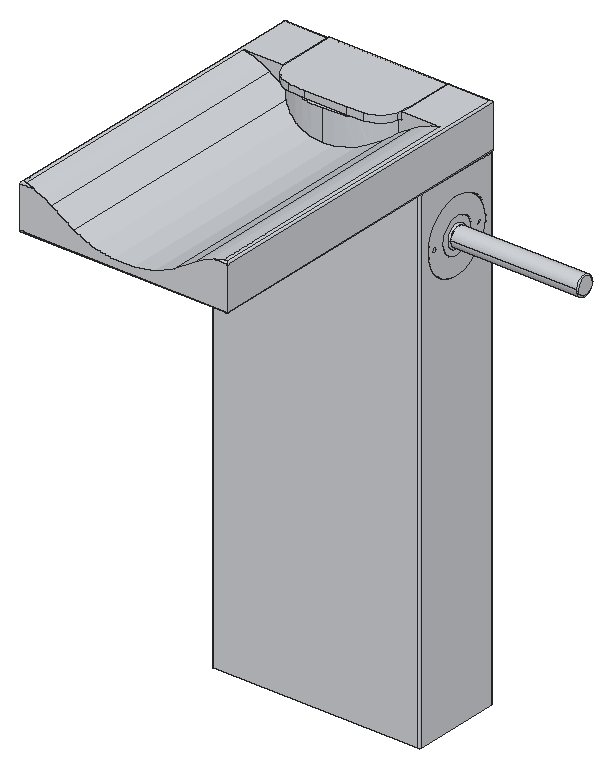
Revit family "Faucet-Lavatory-KOHLER-Beitou-K-99858IN-1", category Plumbing Fixtures, host Face, Revit 2017
Family settings
  Host = Face
  Round Connector Dimension = Use Diameter
  Part Type = Normal
  OmniClass Number = 23.31.11.00
  Cut with Voids When Loaded = No
  Shared = No
  Room Calculation Point = No
Parameters (values of type "CP-Polished Chrome")
  Width = 4 17/128"  # constant formula
  WaterSense Certified = 1 = 0  # no
  Waste Water Outlet = "Waste Water Outlet"  # constant formula
  Waste Connection = 1 = 0  # no
  Vent Connection = 1 = 0  # no
  URL = "https://www.kohler.co.in/"
  Type = 1
  Spout Reach = 5 171/256"  # constant formula
  Product Page URL = "https://www.kohler.co.in/product-detail/99858in-4?skuid=K-99858IN-4-CP"
  Product Name = "BEITOU"  # constant formula
  Product Documentation Link = ""
  Pressure = 0.00 psi
  Model = "K-99858IN-4-CP"  # constant formula
  Material = "Brass Construction"  # constant formula
  Master Format 2014 Name = "Residential Faucets, Supplies, and Trim"  # constant formula
  Master Format 2014 = "22 41 39"  # constant formula
  Manufacturer Address = "Ambience Office Tower NH-8 Gurgaon / Gurugram Haryana , 122001"  # constant formula
  Manufacturer = "KOHLER Co."  # constant formula
  Length = Spout Reach  # 5 171/256"
  Hot Water Inlet = "Hot Water Inlet"  # constant formula
  Height = 10 191/256"  # constant formula
  Handle Clearance = 2 143/256"  # constant formula
  HW Connection = 1 = 1  # yes
  Flow Rate = 0 GPM
  Finish = Kohler-Metal-CP-Polished_Chrome
  Environmental Product Declaration = ""
  Drain Included = 1 = 1  # yes
  Description = "single control tall lavatory faucet"  # constant formula
  Default Elevation = 36"
  Declare Label = ""
  Date Modified = "12/21/2020"  # constant formula
  Date Created = "12/21/2020"  # constant formula
  Copyright = "Copyright KOHLER Co."  # constant formula
  Contact Us = "https://www.kohler.co.in/contact-us"
  Cold Water Inlet = "Cold Water Inlet"  # constant formula
  CW Connection = 1 = 1  # yes
  Assembly Code = "D2010"
  ADA Compliant = 1 = 0  # no
Reference planes (in)
  plane 1 "Center (Front/Back)": y = 0
  plane 2: z = 0
  plane 3 "Center (Left/Right)": x = 0
  plane 4: z = 10.7460937
  plane 5: z = 8.7401575
  plane 6: x = 4.6259843
  plane 7: x = 2.0673905
  plane 8: x = -2.065422
  plane 9: y = -5.6679688
  plane 10: y = -0.9055118
  plane 11: y = 0.9055118
  plane 12: x = 0.6299213
  plane 13: x = -0.6299213
  plane 14: z = 9.8818898
Dimensions and locks (in)
  "Spout Reach": plane 1 "Center (Front/Back)" to plane 9
  "Height": plane 4 to level
  level to plane 14 = 9.88189"
  plane 4 to plane 14 = 0.8642"
  plane 11 to plane 10 = 1.81102"
  "Width": plane 8 to plane 7
  "Handle Clearance": plane 7 to plane 6
  "Length": plane 9 to plane 1 "Center (Front/Back)"
  aligned and locked: plane 2 to host face
  aligned and locked: level to host face
  aligned and locked: plane 3 "Center (Left/Right)" to nested 1
  aligned and locked: plane 1 "Center (Front/Back)" to nested 1
Automatic sketch dimensions
  host sketch curve to host sketch curve = 96"  (x2)
Nested families (in)
  nested 1: "K-99858IN" at (0, 0, 0), type "K-99858IN"
Connectors (in)
  piping at (-0.6299213, 0, 0), diameter 0.5, driven by "Flow Rate", driven by "HW Connection", driven by "Hot Water Inlet"
    settings: on nested 1, index 1, connector inside diameter 24", connector length 0", flow factor 0, pipe flow 0 GPM, pressure drop 0.00 psi, fitting loss kfactor 0, connector angle 0.00°, fixture units 0, engagement length 0", angle of deflection 0.00°, flow configuration 0, flow direction 1, fitting loss method 0, system type 19, joint type 0, gender type 0, connector reference index -1, connector utility 1, adjustable connector no, is connector primary yes, connector description "Hot Water Inlet"
  piping at (0.6299213, 0, 0), diameter 0.5, driven by "Flow Rate", driven by "CW Connection", driven by "Cold Water Inlet"
    settings: on nested 1, index 2, connector inside diameter 24", connector length 0", flow factor 0, pipe flow 0 GPM, pressure drop 0.00 psi, fitting loss kfactor 0, connector angle 0.00°, fixture units 0, engagement length 0", angle of deflection 0.00°, flow configuration 0, flow direction 1, fitting loss method 0, system type 20, joint type 0, gender type 0, connector reference index -1, connector utility 1, adjustable connector no, is connector primary no, connector description "Cold Water Inlet"
Definition of nested family "K-99858IN"
  Parameters (values of type "K-99858IN")
    Material = none
  Reference planes (in)
    plane 1 "Center (Front/Back)": y = 0
    plane 2: z = 0
    plane 3 "Center (Left/Right)": x = 0
    plane 4: y = 0.9055118
    plane 5: y = -0.9055118
    plane 6: x = -2.0669291
    plane 7: x = 2.0669291
    plane 8: x = 4.6259843
    plane 9: z = 8.7401575
    plane 10: y = -5.6692913
    plane 11: x = -0.503882
    plane 12: x = 0.503882
    plane 13: x = 0.6299213
    plane 14: x = -0.6299213
    plane 15: z = 9.8818898
    plane 16: z = 10.7480315
  Forms (in)
    Sweep 1, solid, material <- "Material", detail levels medium+fine
      path origin (0, 0, 0) x (0, 1, 0) y (0, 0, 1)
        loop
          line (0.9055118, 0) -> (0.9055118, 9.8421792)
      profile origin (0, 0.9055118, 4.9210896) x (0, -1, 0) y (1, 0, 0)
        loop
          arc (0, -2.0275591) -> (0.0115312, -2.0553979) -> (0.0393701, -2.0669291) r 0.0393701
          line (0.0393701, -2.0669291) -> (1.7716535, -2.0669291)
          arc (1.7716535, -2.0669291) -> (1.7994924, -2.0553979) -> (1.8110236, -2.0275591) r 0.0393701
          line (1.8110236, -2.0275591) -> (1.8110236, 2.0275591)
          arc (1.8110236, 2.0275591) -> (1.7994924, 2.0553979) -> (1.7716535, 2.0669291) r 0.0393701
          line (1.7716535, 2.0669291) -> (0.0393701, 2.0669291)
          arc (0.0393701, 2.0669291) -> (0.0115312, 2.0553979) -> (0, 2.0275591) r 0.0393701
          line (0, 2.0275591) -> (0, -2.0275591)
    Sweep 2, solid, material <- "Material", detail levels medium+fine
      path origin (0, 0, 0) x (1, 0, 0) y (0, 1, 0)
        loop
          line (-2.0272385, 0.8659735) -> (-2.0272385, -5.6297874) -> (2.0272385, -5.6297874) -> (2.0272385, 0.8659735) -> (-2.0272385, 0.8659735)
      profile origin (2.0272385, -2.3819069, 0) x (1, 0, 0) y (0, 0, 1)
        loop
          line (-0.0307579, 10.7440945) -> (-0.0307579, 9.8421792) -> (0.0200009, 9.8421792)
          arc (0.0200009, 9.8421792) -> (0.0339236, 9.8479462) -> (0.0396906, 9.861869) r 0.0196898
          line (0.0396906, 9.861869) -> (0.0396906, 10.7047518)
          arc (0.0396906, 10.7047518) -> (0.0281674, 10.7325713) -> (0.0003479, 10.7440945) r 0.0393427
          line (0.0003479, 10.7440945) -> (-0.0307579, 10.7440945)
    Sweep 3, solid, material <- "Material", detail levels medium+fine
      path origin (0, 0, 0) x (0, 1, 0) y (0, 0, 1)
        loop
          circle (0.0006489, 8.740906) r 0.169298
      profile origin (0, 0.0006489, 8.9102041) x (0, 0, -1) y (1, 0, 0)
        loop
          line (0.0324208, 4.6259843) -> (0.0014478, 4.6259843)
          arc (0.0014478, 4.6259843) -> (-0.012907, 4.6200383) -> (-0.0188529, 4.6056835) r 0.0203007
          line (-0.0188529, 4.6056835) -> (-0.0188529, 2.1068724)
          arc (-0.0188529, 2.1068724) -> (-0.030552, 2.0786282) -> (-0.0587961, 2.0669291) r 0.0399432
          line (-0.0587961, 2.0669291) -> (0.0324208, 2.0669291) -> (0.0324208, 4.6259843)
    Extrusion 4, solid, material <- "Material", detail levels medium+fine
      sketch origin (0, 0, 0) x (0, 1, 0) y (0, 0, 1)
        loop
          circle (0.0006489, 8.740906) r 0.1368772
      from 2.0669291 to 4.6259843
    Extrusion 5, solid, material <- "Material", detail levels medium+fine
      sketch origin (-0.0298064, 0, 0) x (1, 0, 0) y (0, 1, 0)
        loop
          line (-1.9964806, 0.8352157) -> (-1.9964806, -5.5990295) -> (2.026287, -5.5990295) -> (2.026287, 0.8352157) -> (-1.9964806, 0.8352157)
      from 9.8421792 to 10.7440945
    Extrusion 6, void, detail levels medium+fine
      sketch origin (0, 0, -0.0522247) x (1, 0, 0) y (0, 0, 1)
        loop
          arc (-1.0037395, 10.3120449) -> (-0.0135896, 10.0485715) -> (0.9765602, 10.3120449) r 1.9922598
          arc (0.9765602, 10.3120449) -> (1.1970344, 10.444138) -> (1.4121499, 10.5847893) r 6.5420486
          arc (1.4121499, 10.5847893) -> (1.8035482, 10.7664441) -> (2.2326175, 10.8121686) r 1.3200005
          line (2.2326175, 10.8121686) -> (2.2326175, 11.0733099) -> (-2.3948685, 11.0733099) -> (-2.3948685, 10.7973172)
          arc (-2.3948685, 10.7973172) -> (-1.8966699, 10.7829033) -> (-1.4393292, 10.5847893) r 1.3200005
          arc (-1.4393292, 10.5847893) -> (-1.2242137, 10.444138) -> (-1.0037395, 10.3120449) r 6.5420486
      from 0.251129 to 6.1770874
    Extrusion 7, solid, material <- "Material", detail levels medium+fine
      sketch origin (0, 0, 0) x (1, 0, 0) y (0, 1, 0)
        loop
          arc (-1.1811024, 0) -> (-1.1803093, -0.0555895) -> (-1.1779309, -0.1111338) r 1.9487547
          arc (-1.1779309, -0.1111338) -> (-1.1678638, -0.2063706) -> (-1.1486662, -0.3001942) r 0.9926676
          arc (-1.1486662, -0.3001942) -> (-1.0019473, -0.5383407) -> (-0.7459164, -0.6509835) r 0.4700974
          arc (-0.7459164, -0.6509835) -> (-0.5834517, -0.6647108) -> (-0.4204724, -0.6692913) r 2.9017388
          line (-0.4204724, -0.6692913) -> (0.4204724, -0.6692913)
          arc (0.4204724, -0.6692913) -> (0.5841058, -0.6646739) -> (0.7472185, -0.6508363) r 2.9017388
          arc (0.7472185, -0.6508363) -> (1.0018802, -0.5388523) -> (1.1481485, -0.3022121) r 0.4685039
          arc (1.1481485, -0.3022121) -> (1.1572068, -0.2639337) -> (1.1647415, -0.2253265) r 0.9926676
          arc (1.1647415, -0.2253265) -> (1.1729905, -0.1684212) -> (1.1779309, -0.1111338) r 0.9926676
          arc (1.1779309, -0.1111338) -> (1.1803093, -0.0555895) -> (1.1811024, 0) r 1.9487547
          line (1.1811024, 0) -> (1.1811024, 0.8816998) -> (-1.1811024, 0.8816998) -> (-1.1811024, 0)
      from 10.6102362 to 10.7440945
    Extrusion 8, void, detail levels medium+fine
      sketch origin (0, 0, 0) x (1, 0, 0) y (0, 1, 0)
        loop
          line (-1.1850394, 0.8816998) -> (-1.1850394, -0.251129) -> (1.1850394, -0.251129) -> (1.1850394, 0.8816998) -> (-1.1850394, 0.8816998)
      from 10.6102362 to 10.9003731
    Extrusion 9, solid, material <- "Material", detail levels medium+fine
      sketch origin (0, 0, 0) x (1, 0, 0) y (0, 1, 0)
        loop
          spline (0, 0.4851303) -> (-0.2904072, 0.4642233) -> (-0.5610236, 0.4029269) -> (-0.7934072, 0.3054185) -> (-0.9717214, 0.1783431) -> (-1.0838144, 0.0303607) -> (-1.1220472, -0.1284441) -> (-1.0838144, -0.2872488) -> (-0.9717214, -0.4352313) -> (-0.7934072, -0.5623067) -> (-0.5610236, -0.6598151) -> (-0.2904072, -0.7211115) -> (0, -0.7420185)
          spline (0, -0.7420185) -> (0.2904072, -0.7211115) -> (0.5610236, -0.6598151) -> (0.7934072, -0.5623067) -> (0.9717214, -0.4352313) -> (1.0838144, -0.2872488) -> (1.1220472, -0.1284441) -> (1.0838144, 0.0303607) -> (0.9717214, 0.1783431) -> (0.7934072, 0.3054185) -> (0.5610236, 0.4029269) -> (0.2904072, 0.4642233) -> (0, 0.4851303)
      from 9.7682632 to 10.6102362
    Extrusion 10, void, detail levels medium+fine
      sketch origin (0, 0, 0) x (0, 1, 0) y (0, 0, 1)
        loop
          circle (-0.0005732, 8.741565) r 0.7199009
        loop
          circle (-0.0005732, 8.741565) r 0.3559253
        loop
          circle (-0.0005732, 8.741565) r 0.7120269
        loop
          circle (-0.0005732, 8.741565) r 0.3480513
      from 2.0576808 to 2.2396435
    Extrusion 11, solid, material <- "Material", detail levels medium+fine
      sketch origin (0, 0, 0) x (1, 0, 0) y (0, 1, 0)
        loop
          circle (-0.503882, 0) r 0.0393701
        loop
          circle (0.503882, 0) r 0.0393701
      from 0 to 0.035998
    Extrusion 12, void
      sketch origin (0, 0, 0) x (0, 1, 0) y (0, 0, 1)
        loop
          circle (-0.557955, 8.7400852) r 0.0398
        loop
          circle (0.557955, 8.7400852) r 0.0398
      from 1.4561957 to 3.2228774
    Extrusion 13, solid, detail levels medium+fine
      sketch origin (0, 0, 0) x (0, 1, 0) y (0, 0, 1)
        loop
          circle (0.557955, 8.7400852) r 0.0398
      from 1.4561957 to 2.0669291
    Extrusion 14, solid, detail levels medium+fine
      sketch origin (0, 0, 0) x (0, -1, 0) y (0, 0, -1)
        loop
          circle (0.557955, -8.7400852) r 0.0398
      from 1.4561957 to 2.0669291
    Extrusion 15, solid, material <- "Material", detail levels medium+fine
      sketch origin (0, 0, 0) x (1, 0, 0) y (0, 1, 0)
        loop
          circle (0.6299213, 0) r 0.1968504
        loop
          circle (-0.6299213, 0) r 0.1968504
      from 0 to 0.2233233
    Extrusion 16, solid, material <- "Material", detail levels coarse
      sketch origin (0, 0, 0) x (1, 0, 0) y (0, 0, 1)
        loop
          line (-2.0669291, 10.7440945) -> (-2.0669291, 9.7598425) -> (2.0669291, 9.7598425) -> (2.0669291, 10.7440945) -> (1.6939929, 10.7440945)
          arc (1.6939929, 10.7440945) -> (-0.0776606, 10.1986876) -> (-1.8493141, 10.7440945) r 3.1501482
          line (-1.8493141, 10.7440945) -> (-2.0669291, 10.7440945)
      from -0.9055118 to 5.669478
    Extrusion 17, solid, material <- "Material", detail levels coarse
      sketch origin (0, 0, 0) x (1, 0, 0) y (0, 0, 1)
        loop
          line (-2.0669291, 10.7440945) -> (-2.0669291, 0) -> (2.0669291, 0) -> (2.0669291, 10.7440945) -> (-2.0669291, 10.7440945)
      from -0.9055118 to 1.3646786
    Revolve 18, solid, material <- "Material", detail levels coarse
      sketch origin (0, 0, 0) x (1, 0, 0) y (0, 0, 1)
        loop
          line (4.6259843, 9.029039) -> (1.7665609, 9.029039) -> (1.7665609, 8.7401575) -> (4.6259843, 8.7401575) -> (4.6259843, 9.029039)
        axis (4.6259843, 8.7401575) -> (1.7665609, 8.7401575)
      angle from 0 to 360
  Cuts and joins
    Extrusion 10, Extrusion 12 cuts Sweep 1
    Extrusion 12 cuts Sweep 3
    Extrusion 12 cuts Extrusion 4
    Extrusion 12 cuts Extrusion 11
    joined: Sweep 1, Sweep 3, Extrusion 4, Extrusion 7, Extrusion 11
    Extrusion 6, Extrusion 8 cuts Sweep 2
    Extrusion 6, Extrusion 8 cuts Extrusion 5
    joined: Sweep 2, Extrusion 5, Extrusion 9
    joined: Extrusion 16, Extrusion 17, Revolve 18
  Lines and regions (in)
    Masking region 1
      outline origin (0, 0, 0) x (1, 0, 0) y (0, 1, 0)
        loop
          arc (2.0287193, -5.6692913) -> (2.0557377, -5.6580999) -> (2.0669291, -5.6310815) r 0.0382098
          line (2.0669291, -5.6310815) -> (2.0669291, -0.2295886)
          arc (2.0669291, -0.2295886) -> (2.0788227, -0.2008749) -> (2.1075365, -0.1889813) r 0.0406073
          line (2.1075365, -0.1889813) -> (4.6049589, -0.1889813)
          arc (4.6049589, -0.1889813) -> (4.6198261, -0.1828231) -> (4.6259843, -0.1679559) r 0.0210254
          line (4.6259843, -0.1679559) -> (4.6259843, 0.1689122)
          arc (4.6259843, 0.1689122) -> (4.6201062, 0.1831032) -> (4.6059152, 0.1889813) r 0.0200691
          line (4.6059152, 0.1889813) -> (2.1080383, 0.1889813)
          arc (2.1080383, 0.1889813) -> (2.0789697, 0.2010219) -> (2.0669291, 0.2300904) r 0.0411092
          line (2.0669291, 0.2300904) -> (2.0669291, 0.8662628)
          arc (2.0669291, 0.8662628) -> (2.0554334, 0.894016) -> (2.0276801, 0.9055118) r 0.039249
          line (2.0276801, 0.9055118) -> (1.2235752, 0.9055118)
          arc (1.2235752, 0.9055118) -> (1.2010195, 0.898221) -> (1.1869987, 0.8791074) r 0.0385358
          arc (1.1869987, 0.8791074) -> (1.1794257, 0.897763) -> (1.1608426, 0.9055118) r 0.0261573
          line (1.1608426, 0.9055118) -> (-1.1608426, 0.9055118)
          arc (-1.1608426, 0.9055118) -> (-1.1794257, 0.897763) -> (-1.1869987, 0.8791074) r 0.0261573
          arc (-1.1869987, 0.8791074) -> (-1.2010195, 0.898221) -> (-1.2235752, 0.9055118) r 0.0385358
          line (-1.2235752, 0.9055118) -> (-2.0283935, 0.9055118)
          arc (-2.0283935, 0.9055118) -> (-2.0556423, 0.894225) -> (-2.0669291, 0.8669762) r 0.0385356
          line (-2.0669291, 0.8669762) -> (-2.0669291, -5.6295987)
          arc (-2.0669291, -5.6295987) -> (-2.0553034, -5.6576656) -> (-2.0272365, -5.6692913) r 0.0396927
          line (-2.0272365, -5.6692913) -> (2.0287193, -5.6692913)
    Masking region 2
      outline origin (0, 0, 0) x (0, 1, 0) y (0, 0, 1)
        loop
          line (0.9055118, 0) -> (0.9055118, 9.8614815)
          arc (0.9055118, 9.8614815) -> (0.8995361, 9.8759083) -> (0.8852902, 9.881884) r 0.0204025
          arc (0.8852902, 9.881884) -> (0.899589, 9.8878068) -> (0.9055118, 9.9021056) r 0.0202216
          line (0.9055118, 9.9021056) -> (0.9055118, 10.7069164)
          arc (0.9055118, 10.7069164) -> (0.8934695, 10.7359892) -> (0.8643967, 10.7480315) r 0.0411151
          line (0.8643967, 10.7480315) -> (-5.6292231, 10.7480315)
          arc (-5.6292231, 10.7480315) -> (-5.6575556, 10.7362958) -> (-5.6692913, 10.7079632) r 0.0400683
          line (-5.6692913, 10.7079632) -> (-5.6692913, 9.902511)
          arc (-5.6692913, 9.902511) -> (-5.6632515, 9.8879296) -> (-5.6486701, 9.8818898) r 0.0206213
          line (-5.6486701, 9.8818898) -> (-0.8858268, 9.8818898)
          arc (-0.8858268, 9.8818898) -> (-0.8997462, 9.8761241) -> (-0.9055118, 9.8622047) r 0.019685
          line (-0.9055118, 9.8622047) -> (-0.9055118, 0) -> (0.9055118, 0)
    Masking region 3
      outline origin (0, 0, 0) x (1, 0, 0) y (0, 0, 1)
        loop
          line (-2.0669291, 10.7097893) -> (-2.0669291, 9.9018946)
          arc (-2.0669291, 9.9018946) -> (-2.0610682, 9.887745) -> (-2.0469185, 9.881884) r 0.0200106
          arc (-2.0469185, 9.881884) -> (-2.0610013, 9.8759562) -> (-2.0669291, 9.8616451) r 0.0202389
          line (-2.0669291, 9.8616451) -> (-2.0669291, 0) -> (2.0669291, 0) -> (2.0669291, 8.5124717)
          arc (2.0669291, 8.5124717) -> (2.0782944, 8.53991) -> (2.1057327, 8.5512753) r 0.0388036
          line (2.1057327, 8.5512753) -> (4.6058685, 8.5512753)
          arc (4.6058685, 8.5512753) -> (4.6200925, 8.5571671) -> (4.6259843, 8.5713911) r 0.0201158
          line (4.6259843, 8.5713911) -> (4.6259843, 8.9083523)
          arc (4.6259843, 8.9083523) -> (4.6199251, 8.9229804) -> (4.6052969, 8.9290396) r 0.0206874
          line (4.6052969, 8.9290396) -> (2.1069697, 8.9290396)
          arc (2.1069697, 8.9290396) -> (2.0786567, 8.9407672) -> (2.0669291, 8.9690802) r 0.0400406
          line (2.0669291, 8.9690802) -> (2.0669291, 9.8616451)
          arc (2.0669291, 9.8616451) -> (2.0610013, 9.8759562) -> (2.0466902, 9.881884) r 0.0202389
          arc (2.0466902, 9.881884) -> (2.0610682, 9.887745) -> (2.0669291, 9.9018946) r 0.0200106
          line (2.0669291, 9.9018946) -> (2.0669291, 10.7086614)
          arc (2.0669291, 10.7086614) -> (2.0553979, 10.7365003) -> (2.0275591, 10.7480315) r 0.0393701
          line (2.0275591, 10.7480315) -> (1.2160697, 10.7480315) -> (1.2160697, 10.6968504) -> (1.1811024, 10.6968504) -> (1.1811024, 10.7480315) -> (-1.1811024, 10.7480315) -> (-1.1811024, 10.6968504) -> (-1.2160697, 10.6968504) -> (-1.2160697, 10.7480315) -> (-2.028687, 10.7480315)
          arc (-2.028687, 10.7480315) -> (-2.0557283, 10.7368306) -> (-2.0669291, 10.7097893) r 0.0382422
    symbolic lines, detail levels medium+fine
      curve 1: line (2.0669291, 0.8662628, 0) -> (1.1848824, 0.8661417, 0)
      curve 2: line (2.0276801, 0.9055118, 0) -> (2.0287193, -5.6692913, 0)
      curve 3: line (-2.0669291, -5.6295987, 0) -> (2.0669291, -5.6310815, 0)
      curve 4: line (-2.0272365, 0.9055118, 0) -> (-2.0272365, -5.6692913, 0)
      curve 5: line (-1.1811024, 0, 0) -> (-1.1811024, 0.8661417, 0)
      curve 6: line (1.1811024, 0, 0) -> (1.1811024, 0.8661417, 0)
      curve 7: line (-1.1848824, 0.8661417, 0) -> (-2.0669201, 0.8661417, 0)
      curve 8: arc (-1.1869987, 0.8791074, 0) -> (-1.1853269, 0.8727248, 0) -> (-1.1848824, 0.8661417, 0) r 0.0350071
      curve 9: line (1.1811024, 0.8661417, 0) -> (-1.1811024, 0.8661417, 0)
      curve 10: arc (1.1869987, 0.8791074, 0) -> (1.1853269, 0.8727248, 0) -> (1.1848824, 0.8661417, 0) r 0.0350071
      curve 11: arc (-1.1811024, 0, 0) -> (-1.1803093, -0.0555895, 0) -> (-1.1779309, -0.1111338, 0) r 1.9487547
      curve 12: arc (-1.1779309, -0.1111338, 0) -> (-1.1678638, -0.2063706, 0) -> (-1.1486662, -0.3001942, 0) r 0.9926676
      curve 13: arc (-1.1486662, -0.3001942, 0) -> (-1.0019473, -0.5383407, 0) -> (-0.7459164, -0.6509835, 0) r 0.4700974
      curve 14: arc (-0.7459164, -0.6509835, 0) -> (-0.5834517, -0.6647108, 0) -> (-0.4204724, -0.6692913, 0) r 2.9017388
      curve 15: line (-0.4204724, -0.6692913, 0) -> (0.4204724, -0.6692913, 0)
      curve 16: arc (0.4204724, -0.6692913, 0) -> (0.5841058, -0.6646739, 0) -> (0.7472185, -0.6508363, 0) r 2.9017388
      curve 17: arc (0.7472185, -0.6508363, 0) -> (1.0018802, -0.5388523, 0) -> (1.1481485, -0.3022121, 0) r 0.4685039
      curve 18: arc (1.1481485, -0.3022121, 0) -> (1.1572068, -0.2639337, 0) -> (1.1647415, -0.2253265, 0) r 0.9926676
      curve 19: arc (1.1647415, -0.2253265, 0) -> (1.1729905, -0.1684212, 0) -> (1.1779309, -0.1111338, 0) r 0.9926676
      curve 20: arc (1.1779309, -0.1111338, 0) -> (1.1803093, -0.0555895, 0) -> (1.1811024, 0, 0) r 1.9487547
      curve 21: arc (-1.1295936, -0.2953224, 0) -> (-0.9890184, -0.5234967, 0) -> (-0.7437087, -0.6314227, 0) r 0.4504123
      curve 22: arc (-1.1582779, -0.1100112, 0) -> (-1.1484104, -0.2033594, 0) -> (-1.1295936, -0.2953224, 0) r 0.9729825
      curve 23: arc (-1.1614173, 0, 0) -> (-1.1606323, -0.055028, 0) -> (-1.1582779, -0.1100112, 0) r 1.9290697
      curve 24: arc (-0.7437087, -0.6314227, 0) -> (-0.5823461, -0.6450568, 0) -> (-0.4204724, -0.6496063, 0) r 2.8820538
      curve 25: line (-0.4204724, -0.6496063, 0) -> (0.4204724, -0.6496063, 0)
      curve 26: arc (0.4204724, -0.6496063, 0) -> (0.5829958, -0.6450202, 0) -> (0.7450019, -0.6312764, 0) r 2.8820538
      curve 27: arc (0.7450019, -0.6312764, 0) -> (0.9889635, -0.5239977, 0) -> (1.1290861, -0.2973004, 0) r 0.4488189
      curve 28: arc (1.1290861, -0.2973004, 0) -> (1.1379648, -0.259781, 0) -> (1.14535, -0.2219394, 0) r 0.9729825
      curve 29: arc (1.1582779, -0.1100112, 0) -> (1.1606323, -0.055028, 0) -> (1.1614173, 0, 0) r 1.9290697
      curve 30: arc (1.14535, -0.2219394, 0) -> (1.1534355, -0.1661626, 0) -> (1.1582779, -0.1100112, 0) r 0.9729825
      curve 31: line (-1.1614173, 0, 0) -> (-1.1614173, 0.8661417, 0)
      curve 32: line (1.1614173, 0, 0) -> (1.1614173, 0.8661417, 0)
      curve 33: arc (-0.4789141, -0.6687028, 0) -> (0, -0.7289998, 0) -> (0.4789141, -0.6687028, 0) r 1.9320565
      curve 34: line (2.0669291, 0.2300904, 0) -> (2.0669291, -0.2295886, 0)
      curve 35: line (2.1080383, -0.1889844, 0) -> (2.1080383, 0.1889813, 0)
      curve 36: line (4.6049589, 0.1889585, 0) -> (4.6049589, -0.1889813, 0)
      curve 37: line (0, -5.6299213, 9.9015694) -> (0, 0.9055047, 9.9015694)
      curve 38: line (0, -5.6299213, 10.748144) -> (0, -5.6299213, 9.8818898)
      curve 39: line (0, 0.8661417, 10.7479944) -> (0, 0.8661417, 9.9015694)
      curve 40: line (0, 0.8661417, 9.8614815) -> (0, 0.8661417, 0)
      curve 41: line (0, 0.9057632, 9.8614815) -> (0, -0.9054985, 9.8614815)
      curve 42: line (0, -0.8661417, 0) -> (0, -0.8661417, 9.881884)
      curve 43: line (0, -0.9055118, 9.881884) -> (0, 0.8852902, 9.881884)
      curve 44: line (0, -5.6299213, 9.9015694) -> (0, -5.6692913, 9.9015694)
      curve 45: line (-2.027559, 0, 10.7479748) -> (-2.027559, 0, 9.9015174)
      curve 46: line (-2.0490082, 0, 9.8818324) -> (2.048135, 0, 9.8818324)
      curve 47: line (2.0669265, 0, 9.9015174) -> (-2.0669265, 0, 9.9015174)
      curve 48: line (-2.0669216, 0, 9.8621473) -> (2.0669216, 0, 9.8621473)
      curve 49: line (2.0275591, 0, 10.7480315) -> (2.0275591, 0, 9.9015174)
      curve 50: line (2.0275591, 0, 9.8621473) -> (2.0275591, 0, 0)
      curve 51: line (-2.0275591, 0, 0) -> (-2.0275591, 0, 9.8621473)
      curve 52: line (4.6064501, 0, 8.9289677) -> (4.6064501, 0, 8.551369)
      curve 53: line (2.1058731, 0, 8.9291876) -> (2.1058731, 0, 8.5511548)
      curve 54: line (2.0669291, 0, 8.9690802) -> (2.0669291, 0, 8.5124717)
      curve 55: arc (-1.1682401, 0, 10.7440945) -> (-1.0961611, 0, 10.7113343) -> (-1.0187542, 0, 10.6946973) r 0.3691581
      curve 56: arc (-1.1811024, 0, 10.7204724) -> (-1.1187227, 0, 10.6925207) -> (-1.0518269, 0, 10.6784683) r 0.319715
      curve 57: arc (-1.0187542, 0, 10.6946973) -> (-0.8744744, 0, 10.676879) -> (-0.7292944, 0, 10.6693331) r 2.0495079
      curve 58: arc (-1.0518269, 0, 10.6784683) -> (-0.9244501, 0, 10.6616996) -> (-0.7962799, 0, 10.6528416) r 2.0761384
      curve 59: line (0.4204724, 0, 10.6648556) -> (-0.4204724, 0, 10.6648556)
      curve 60: line (0.4204724, 0, 10.6456297) -> (-0.4204724, 0, 10.6456297)
      curve 61: arc (-0.7292944, 0, 10.6693331) -> (-0.5748856, 0, 10.6669432) -> (-0.4204724, 0, 10.6648556) r 78.8650377
      curve 62: arc (-0.7962799, 0, 10.6528416) -> (-0.6084102, 0, 10.647463) -> (-0.4204724, 0, 10.6456297) r 9.9615753
      curve 63: line (-1.1811024, 0, 10.6210639) -> (-1.1811024, 0, 10.7204724)
      curve 64: line (-1.1702746, 0, 10.6102362) -> (1.1697209, 0, 10.6102362)
      curve 65: line (1.1811024, 0, 10.6216177) -> (1.1811024, 0, 10.7204724)
      curve 66: arc (1.1697209, 0, 10.6102362) -> (1.1777688, 0, 10.6135698) -> (1.1811024, 0, 10.6216177) r 0.0113815
      curve 67: arc (-1.1702746, 0, 10.6102362) -> (-1.177931, 0, 10.6134076) -> (-1.1811024, 0, 10.6210639) r 0.0108277
      curve 68: arc (-1.0818355, 0, 10.6102362) -> (-1.0487457, 0, 10.4631744) -> (-0.9532315, 0, 10.346559) r 0.327156
      curve 69: arc (-0.3551517, 0, 10.1928355) -> (0.0071668, 0, 10.1876152) -> (0.3694853, 0, 10.1928355) r 12.5762126
      curve 70: arc (-0.9532315, 0, 10.346559) -> (-0.925478, 0, 10.3278435) -> (-0.8957208, 0, 10.3125125) r 0.2849013
      curve 71: arc (-0.8957208, 0, 10.3125125) -> (-0.7656648, 0, 10.2623069) -> (-0.6313541, 0, 10.2249462) r 1.4363101
      curve 72: arc (-0.6313541, 0, 10.2249462) -> (-0.6166197, 0, 10.2216989) -> (-0.6018483, 0, 10.2186238) r 1.2927477
      curve 73: arc (-0.6018483, 0, 10.2186238) -> (-0.4791146, 0, 10.1998502) -> (-0.3551517, 0, 10.1928355) r 1.3039103
      curve 74: arc (-1.3639142, 0, 10.5197851) -> (-1.165333, 0, 10.3863653) -> (-0.9615509, 0, 10.261033) r 5.9524026
      curve 75: arc (-0.9615509, 0, 10.261033) -> (-0.8231552, 0, 10.1894621) -> (-0.6778478, 0, 10.1332347) r 1.4425518
      curve 76: arc (-1.619006, 0, 10.6268859) -> (-1.4191844, 0, 10.5095433) -> (-1.2250172, 0, 10.3830639) r 4.9975336
      curve 77: arc (-1.2250172, 0, 10.3830639) -> (-1.0755604, 0, 10.2861398) -> (-0.9214078, 0, 10.1968725) r 3.5327637
      curve 78: arc (-0.9214078, 0, 10.1968725) -> (-0.7601076, 0, 10.1208306) -> (-0.5909599, 0, 10.0643579) r 1.5082541
      curve 79: arc (1.1682401, 0, 10.7440945) -> (1.0961611, 0, 10.7113343) -> (1.0187542, 0, 10.6946973) r 0.3691581
      curve 80: arc (1.1811024, 0, 10.7204724) -> (1.1187227, 0, 10.6925207) -> (1.0518269, 0, 10.6784683) r 0.319715
      curve 81: arc (1.0187542, 0, 10.6946973) -> (0.8744744, 0, 10.676879) -> (0.7292944, 0, 10.6693331) r 2.0495079
      curve 82: arc (1.0518269, 0, 10.6784683) -> (0.9244501, 0, 10.6616996) -> (0.7962799, 0, 10.6528416) r 2.0761384
      curve 83: arc (0.7292944, 0, 10.6693331) -> (0.5748856, 0, 10.6669432) -> (0.4204724, 0, 10.6648556) r 78.8650377
      curve 84: arc (0.7962799, 0, 10.6528416) -> (0.6084102, 0, 10.647463) -> (0.4204724, 0, 10.6456297) r 9.9615753
      curve 85: arc (1.0818355, 0, 10.6102362) -> (1.0487457, 0, 10.4631744) -> (0.9532315, 0, 10.346559) r 0.327156
      curve 86: arc (0.9532315, 0, 10.346559) -> (0.925478, 0, 10.3278435) -> (0.8957208, 0, 10.3125125) r 0.2849013
      curve 87: arc (0.8957208, 0, 10.3125125) -> (0.7624208, 0, 10.2612366) -> (0.6246875, 0, 10.2234528) r 1.4363101
      curve 88: arc (0.6246875, 0, 10.2234528) -> (0.4907179, 0, 10.2011157) -> (0.3551517, 0, 10.1928355) r 1.3039103
      curve 89: arc (1.3639142, 0, 10.5197851) -> (1.165333, 0, 10.3863653) -> (0.9615509, 0, 10.261033) r 5.9524026
      curve 90: arc (0.9615509, 0, 10.261033) -> (0.8231552, 0, 10.1894621) -> (0.6778478, 0, 10.1332347) r 1.4425518
      curve 91: arc (1.619006, 0, 10.6268859) -> (1.4191844, 0, 10.5095433) -> (1.2250172, 0, 10.3830639) r 4.9975336
      curve 92: arc (1.2250172, 0, 10.3830639) -> (1.0755604, 0, 10.2861398) -> (0.9214078, 0, 10.1968725) r 3.5327637
      curve 93: arc (0.9214078, 0, 10.1968725) -> (0.7601076, 0, 10.1208306) -> (0.5909599, 0, 10.0643579) r 1.5082541
      curve 94: arc (-0.5909599, 0, 10.0643579) -> (-0.416242, 0, 10.0224586) -> (-0.2394712, 0, 9.9903025) r 3.242106
      curve 95: arc (0.5909599, 0, 10.0643579) -> (0.416242, 0, 10.0224586) -> (0.2394712, 0, 9.9903025) r 3.242106
      curve 96: arc (-0.2394712, 0, 9.9903025) -> (0, 0, 9.97204) -> (0.2394712, 0, 9.9903025) r 1.579197
      curve 97: arc (-0.6778478, 0, 10.1332347) -> (-0.5134181, 0, 10.0865205) -> (-0.3458907, 0, 10.0525514) r 2.2277261
      curve 98: arc (0.6778478, 0, 10.1332347) -> (0.5134181, 0, 10.0865205) -> (0.3458907, 0, 10.0525514) r 2.2277261
      curve 99: arc (-0.3458907, 0, 10.0525514) -> (0, 0, 10.0245286) -> (0.3458907, 0, 10.0525514) r 2.1487063
      curve 100: line (-0.9306131, 0, 10.6102362) -> (-0.9306131, 0, 10.3309571)
      curve 101: line (-0.7731328, 0, 10.6102362) -> (-0.7731328, 0, 10.2648032)
      curve 102: line (-0.6156524, 0, 10.6102362) -> (-0.6156524, 0, 10.2214914)
      curve 103: line (-0.4581721, 0, 10.6102362) -> (-0.4581721, 0, 10.1978317)
      curve 104: line (-0.3006918, 0, 10.6102362) -> (-0.3006918, 0, 10.1913839)
      curve 105: line (-0.1432115, 0, 10.6102362) -> (-0.1432115, 0, 10.1885143)
      curve 106: line (0.9306131, 0, 10.6102362) -> (0.9306131, 0, 10.3309571)
      curve 107: line (0.7731328, 0, 10.6102362) -> (0.7731328, 0, 10.2648032)
      curve 108: line (0.6156524, 0, 10.6102362) -> (0.6156524, 0, 10.2214818)
      curve 109: line (0.4581721, 0, 10.6102362) -> (0.4581721, 0, 10.1978317)
      curve 110: line (0.3006918, 0, 10.6102362) -> (0.3006918, 0, 10.1910411)
      curve 111: line (0.1432115, 0, 10.6102362) -> (0.1432115, 0, 10.1883511)
      curve 112: line (-1.0487457, 0, 10.4631744) -> (1.0487457, 0, 10.4631744)
      curve 113: line (-0.0002769, 0, 10.6102362) -> (-0.0002769, 0, 10.1876174)
      curve 114: circle (0, -0.0005732, 8.741565) r 0.7199009 normal (1, 0, 0)
      curve 115: circle (0, -0.0005732, 8.741565) r 0.7120269 normal (1, 0, 0)
      curve 116: circle (0, -0.0005732, 8.741565) r 0.3480513 normal (1, 0, 0)
      curve 117: circle (0, -0.0005732, 8.741565) r 0.3559253 normal (1, 0, 0)
      curve 118: circle (0, -0.0005732, 8.741565) r 0.186987 normal (1, 0, 0)
      curve 119: circle (0, -0.557955, 8.7400852) r 0.0398 normal (1, 0, 0)
      curve 120: circle (0, 0.557955, 8.7400852) r 0.0398 normal (1, 0, 0)
      curve 121: line (0, 0.9055118, 10.7069164) -> (0, -5.6692777, 10.7069164)
      curve 122: arc (-2.028687, 0, 10.7480315) -> (-1.6801624, 0, 10.680911) -> (-1.3639142, 0, 10.5197851) r 1.2674517
      curve 123: arc (-2.028687, 0, 10.7480315) -> (-1.8171478, 0, 10.7101117) -> (-1.619006, 0, 10.6268859) r 0.9775936
      curve 124: arc (2.0275591, 0, 10.7480315) -> (1.6796289, 0, 10.6807429) -> (1.3639142, 0, 10.5197851) r 1.2678212
      curve 125: arc (2.0161703, 0, 10.7474008) -> (1.8111406, 0, 10.7083915) -> (1.619006, 0, 10.6268859) r 0.9808441
  Dimensions and locks (in)
    plane 9 to plane 2 = 8.74016"
    locked: plane 7 to plane 6 at 4.1338583
    locked: plane 8 to plane 3 "Center (Left/Right)" at 4.6259843
    locked: plane 4 to plane 5 at 1.8110236
    aligned and locked: plane 2 to level
